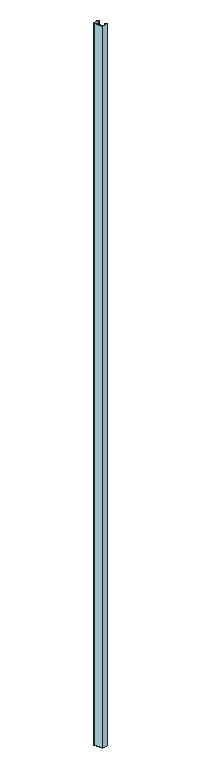
Revit family "AS-60×30×10×1.6", category 機械設備, Revit 2020
Family settings
  丸型コネクタ寸法 = 直径を使用
  種別 = なし
  パーツ タイプ = 標準
  作業面ベース = いいえ
  常に垂直 = はい
  ロード時にボイドで切り取り = いいえ
  共有 = いいえ
  部屋計算ポイント = いいえ
Parameters
  製造元 = "株式会社桐井製作所"
  既定の高さ = 0 mm
  URL = "https://www.kirii.co.jp/"
  K_長さ(mm) [instance] = 4000 mm
  K_外形寸法(mm) = "60×30×10×1.6"
  K_品名 = "リップ付チャンネルAS-60×30×10×1.6"
  K_名称 = "斜め部材(ブレース材)"
  K_バージョン情報 = "20211216"
Reference planes
  plane 1 "中心(正面/背面)": y = 0
  plane 2: z = 0
  plane 3 "中心(左/右)": x = 0
  plane 4: x = 30
  plane 5: x = -30
  plane 6: z = 4000
  plane 7: y = 30
Forms (mm)
  Extrusion 1, solid
    sketch origin (0, 1, 0) x (1, 0, 0) y (0, 1, 0)
      loop
        line (-30, 29) -> (-30, -1) -> (30, -1) -> (30, 29) -> (20, 29) -> (20, 27.4) -> (28.4, 27.4) -> (28.4, 0.6) -> (-28.4, 0.6) -> (-28.4, 27.4) -> (-20, 27.4) -> (-20, 29) -> (-30, 29)
    from 0 to 4000
Dimensions and locks
  "K_長さ(mm)": plane 6 to plane 2
  aligned and locked: level to plane 2
  aligned and locked: plane 6 to Extrusion 1
Automatic sketch dimensions
  plane 1 "中心(正面/背面)" to Extrusion 1 sketch curve = 0 mm
  Extrusion 1 sketch curve to plane 5 = 0 mm
  plane 7 to Extrusion 1 sketch curve = 0 mm  (x2)
  Extrusion 1 sketch curve to plane 4 = 0 mm
  plane 5 to Extrusion 1 sketch curve = 1.6 mm
  Extrusion 1 sketch curve to Extrusion 1 sketch curve = 8.4 mm
  Extrusion 1 sketch curve to plane 4 = 10 mm
  Extrusion 1 sketch curve to plane 4 = 1.6 mm
  Extrusion 1 sketch curve to plane 1 "中心(正面/背面)" = 1.6 mm
  Extrusion 1 sketch curve to Extrusion 1 sketch curve = 1.6 mm
  plane 7 to Extrusion 1 sketch curve = 1.6 mm
